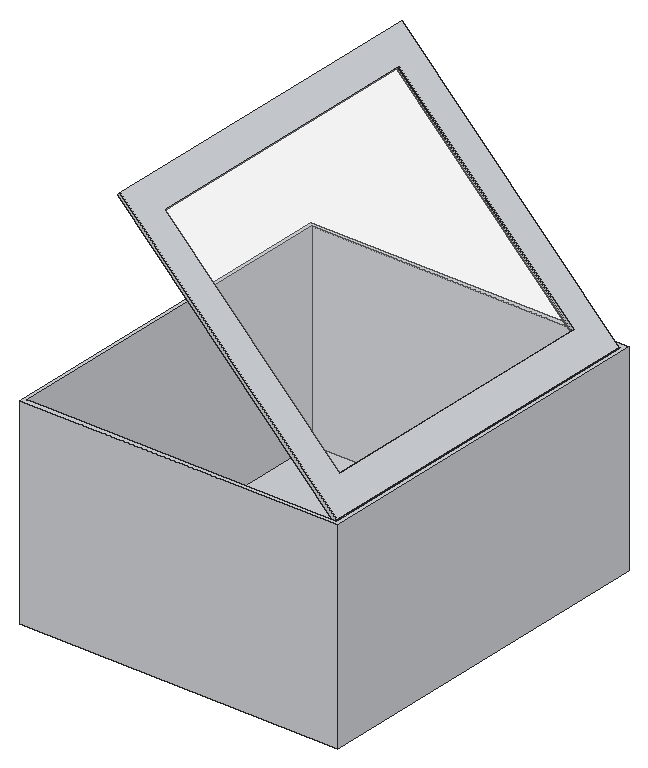
Revit family "Pedro-empty-IT-en", category Electrical Equipment, host Face, Revit 2020
Family settings
  Host = Face
  Panel Configuration = Two Columns, Circuits Across
  Round Connector Dimension = Use Diameter
  Part Type = Panelboard
  Cut with Voids When Loaded = No
  Shared = No
  Room Calculation Point = No
Parameters (values of type "Surface mounted IP66 W264.7 H302.8 D167  Modular spacings - B04621")
  Width Control [instance] = if([HG000006 - Flush mounted], if([EF000846 - Built-in width] > min_whd, [EF000846 - Built-in width], min_whd), if([EF000008 - Width] > min_whd, ([EF000008 - Width]), min_whd))  # 265 mm
  Void Depth [instance] = if([HG000006 - Flush mounted], Depth Control, 1 mm)  # 1 mm
  Type Comments = [HG000003 - Range]  # "Pedro"
  System Height [instance] = Height Control - 2 * [HG000005 - Thickness]  # 297 mm
  Model = [HG000004 - Manufacturer reference]  # "B04621"
  HG000011 - Empty rows from bottom = no
  HG000005 - Thickness = 3 mm  # constant formula
  Arrow Offset [instance] = Depth Control / 8  # 20.875 mm
  Arrow Height [instance] = Depth Control - Arrow Offset  # 146.125 mm
  Host Offset [instance] = if([HG000006 - Flush mounted], 0 mm, [EF000049 - Depth])  # 167 mm
  min_whd [instance] = (2 * [HG000005 - Thickness]) + 1 mm  # 7 mm
  Manufacturer = "Hager"  # constant formula
  Height Control [instance] = if([HG000006 - Flush mounted], if([EF000332 - Built-in height] > min_whd, [EF000332 - Built-in height], min_whd), if([EF000040 - Height] > min_whd, ([EF000040 - Height]), min_whd))  # 303 mm
  HG000010 - Asymmetric doors = no
  HG000009 - Double swing door = no
  HG000008 - Number of empty rows = 0
  HG000007 - Number of empty columns = 0
  HG000006 - Flush mounted = no
  HG000004 - Manufacturer reference = "B04621"
  HG000003 - Range = "Pedro"
  HG000002 - With door or cover = yes
  HG000001 - Number of columns = 0
  Flush Mounted - Door Frame Width [instance] = if(([EF000040 - Height] - [EF000332 - Built-in height]) > 0 mm, if([HG000006 - Flush mounted], [EF000040 - Height] - [EF000332 - Built-in height], 0 mm), 0 mm)  # 0 mm
  EF015941 - Signal passing door = no
  EF015777 - Neutral terminal block = no
  EF015776 - Earthing terminal block = no
  EF009212 - Cover model = "EV000116 - Closed"
  EF006306 - With lock = yes
  EF006244 - Transparent cover/door = yes
  EF005474 - Degree of protection (IP) = "EV006422 - IP66"
  EF004462 - Type of closure = "EV000154 - Other"
  EF002950 - Width in number of modular spacings = 0
  EF001596 - Material housing = "EV000139 - Plastic"
  EF001134 - DIN-rail = no
  EF001131 - Internal depth = 137 mm
  EF001088 - Extension possible = yes
  EF001062 - EMC-version = yes
  EF000846 - Built-in width = 0 mm
  EF000339 - Type of cover = "EV004216 - Door"
  EF000332 - Built-in height = 0 mm
  EF000266 - Number of rows = 0
  EF000218 - Built-in depth = 0 mm
  EF000118 - With mounting plate = no
  EF000116 - RAL-number = "7035"
  EF000049 - Depth = 167 mm
  EF000040 - Height = 303 mm
  EF000008 - Width = 265 mm
  EF000007 - Colour = "EV000270 - Grey"
  EF000003 - Mounting method = "EV000384 - Surface mounted (plaster)"
  Door_Right [instance] = yes
  Door_Left [instance] = not(Door_Right)  # no
  Door Swing Angle [instance] = 45.00°
  Door 3d Visibility [instance] = yes
  Depth Control [instance] = if([HG000006 - Flush mounted], if([EF000218 - Built-in depth] > 0 mm, [EF000218 - Built-in depth], 1 mm), if([EF000049 - Depth] > 0 mm, ([EF000049 - Depth]), 1 mm))  # 167 mm
  Default Elevation = 0 mm
  Clearance Visibility [instance] = no
Types (2, lengths in mm): name | Model | HG000004 - Manufacturer reference | EF006244 - Transparent cover/door
  Surface mounted IP66 W264.7 H302.8 D167  Modular spacings - B04601 | "B04601" | "B04601" | no
  Surface mounted IP66 W264.7 H302.8 D167  Modular spacings - B04621 | "B04621" | "B04621" | yes
Reference planes
  plane 1 "Center (Front/Back)": y = 0
  plane 2: z = 0
  plane 3 "Center (Left/Right)": x = 0
  plane 4: z = 167
  plane 5: y = 3
  plane 6: z = 162
  plane 7: y = 151.5
  plane 8: y = 0
  plane 9: y = 303
  plane 10: z = 0
  plane 11: x = -132.5
  plane 12: x = 132.5
  plane 13: x = 129.5
  plane 14: x = -129.5
  plane 15: y = 300
  plane 16: z = 3
  plane 17: z = 164
  plane 18: z = -1
  plane 19: z = 164
Forms (mm)
  Extrusion 1, solid
    sketch origin (-583.045, 0, 1219.2) x (-1, 0, 0) y (0, 0, 1)
      loop
        line (-450.545, -1052.2) -> (-715.545, -1052.2) -> (-715.545, -1219.2) -> (-450.545, -1219.2) -> (-450.545, -1052.2)
    from 0 to 303 <- "Height Control"
  Extrusion 2, void
    sketch origin (-381.607, -4572, 167) x (0, -1, 0) y (-1, 0, 0)
      loop
        line (-4872, -252.107) -> (-4872, -511.107) -> (-4575, -511.107) -> (-4575, -252.107) -> (-4872, -252.107)
    from 0 to 164
  Extrusion 3, void
    sketch origin (0, 0, 0) x (1, 0, 0) y (0, 1, 0)
      loop
        line (-132.5, 0) -> (132.5, 0) -> (132.5, 303) -> (-132.5, 303) -> (-132.5, 0)
    from -1 to 1
  Extrusion 4, solid, detail levels coarse
    sketch origin (-381.607, -4572, 167) x (-1, 0, 0) y (0, -1, 0)
      loop
        line (-252.107, -4872) -> (-252.107, -4575) -> (-511.107, -4575) -> (-511.107, -4872) -> (-252.107, -4872)
    from 0 to -3
Cuts and joins
  Extrusion 2 cuts Extrusion 1
Dimensions and locks
  plane 4 to plane 6 = 5 mm
  "Host Offset": plane 4 to host face
  "Flush Mounted - Door Frame Width": plane 1 "Center (Front/Back)" to plane 8
  "HG000005 - Thickness": plane 5 to plane 8
  locked: connector elem to plane 3 "Center (Left/Right)"
  "Height Control": plane 9 to plane 8
  equal spacing: plane 9, plane 7, plane 8
  locked: connector elem to plane 7
  "Depth Control": plane 4 to plane 10
  "HG000005 - Thickness": plane 11 to plane 14
  "HG000005 - Thickness": plane 12 to plane 13
  equal spacing: plane 11, plane 3 "Center (Left/Right)", plane 12
  "Width Control": plane 11 to plane 12
  "Arrow Offset": nested 4 to plane 10
  "HG000005 - Thickness": plane 9 to plane 15
  "HG000005 - Thickness": plane 16 to plane 10
  "HG000005 - Thickness": plane 4 to plane 17
  "Void Depth": plane 2 to plane 18
  "HG000005 - Thickness": plane 4 to plane 19
  aligned and locked: plane 2 to host face
  aligned and locked: level to host face
  aligned and locked: plane 3 "Center (Left/Right)" to nested 2
  aligned and locked: plane 4 to nested 2
  aligned and locked: plane 8 to nested 2
  aligned and locked: nested 1 to plane 6
  aligned and locked: plane 5 to nested 1
  aligned and locked: nested 4 to plane 11
  aligned and locked: nested 3 to plane 4
  aligned and locked: Extrusion 1 sketch curve to plane 12
  aligned and locked: Extrusion 1 sketch curve to plane 11
  aligned and locked: nested 3 to plane 10
  aligned and locked: plane 10 to Extrusion 1 sketch curve
  aligned and locked: plane 5 to Extrusion 2 sketch curve
  aligned and locked: Extrusion 2 sketch curve to plane 15
  aligned and locked: Extrusion 2 sketch curve to plane 14
  aligned and locked: Extrusion 2 sketch curve to plane 13
  aligned and locked: plane 11 to Extrusion 3 sketch curve
  aligned and locked: plane 9 to Extrusion 3 sketch curve
  aligned and locked: Extrusion 3 sketch curve to plane 8
  aligned and locked: plane 12 to Extrusion 3 sketch curve
  aligned and locked: nested 3 to plane 12
  aligned and locked: Extrusion 3 to plane 18
  aligned and locked: Extrusion 2 to plane 16
  aligned and locked: Extrusion 1 sketch curve to plane 4
  aligned and locked: Extrusion 4 to plane 17
  aligned and locked: Extrusion 4 sketch curve to plane 15
  aligned and locked: Extrusion 4 sketch curve to plane 13
  aligned and locked: Extrusion 4 sketch curve to plane 14
  aligned and locked: plane 5 to Extrusion 4 sketch curve
Automatic sketch dimensions
  host sketch curve to host sketch curve = 1469.727 mm
  host sketch curve to host sketch curve = 1318.837 mm
Nested families
  nested 1: "Hager_Enclosure_System" at (0, 3, 162) x (1, 0, 0) z (0, 1, 0), Depth <- "HG000005 - Thickness", Height <- "System Height", Width <- "EF000008 - Width", Border <- "HG000005 - Thickness", Flush_Mounted <- "HG000006 - Flush mounted", Built-in_Width <- "EF000846 - Built-in width", Row_Module_Multiplicator <- "EF002950 - Width in number of modular spacings", Total_No_Empty_Rows <- "HG000008 - Number of empty rows", Total_No_Rows <- "EF000266 - Number of rows", Empty_Columns <- "HG000007 - Number of empty columns", No_Rows <- "EF000266 - Number of rows", No_Columns <- "HG000001 - Number of columns", Width_Control <- "Width Control", Empty_Rows_From_Bottom <- "HG000011 - Empty rows from bottom", type "Hager_Enclosure_System", detail levels medium+fine
    with Width_Control 265 mm, Width 265 mm, Total_No_Rows 0, Total_No_Empty_Rows 0, Total_No_Columns 1, System_Width 259 mm, Rows_Column 0, Row_Module_Multiplicator 0, Panel_4 no, Panel_3 no, Panel_2 no, Panel_1 no, No_Rows 0, No_Panels_Ctrl 1, No_Columns 0, Hide_Columns yes, Height 297 mm, Flush_Mounted no, Empty_Rows_From_Bottom no, Empty_Rows_Column 0, Empty_Columns 0, Depth 3 mm, Column_Width 259 mm, Built-in_Width 0 mm, Border 3 mm
  nested 2: "Hager_Enclosure_Door" at (0, 0, 167) x (1, 0, 0) z (0, 1, 0), Border <- "HG000005 - Thickness", Door_Right <- "Door_Right", Flush_Mounted <- "HG000006 - Flush mounted", Depth <- "EF000049 - Depth", Width <- "EF000008 - Width", Door_Left <- "Door_Left", 3d_Door <- "Door 3d Visibility", BuiltIn_Width <- "EF000846 - Built-in width", BuiltIn_Height <- "EF000332 - Built-in height", BuiltIn_Depth <- "EF000218 - Built-in depth", Angle <- "Door Swing Angle", Assymetrical <- "HG000010 - Asymmetric doors", Double <- "HG000009 - Double swing door", Clearance <- "Clearance Visibility", Transparent <- "EF006244 - Transparent cover/door", Door <- "HG000002 - With door or cover", Height_Ctrl <- "Height Control", Width_Ctrl <- "Width Control", Height <- "EF000040 - Height", type "Hager_Enclosure_Door", detail levels medium+fine
    with min_wh 7 mm, Width_Ctrl 265 mm, Width 265 mm, Transparent yes, Leaf_Width 256 mm, Leaf_Tolerance 1.5 mm, Leaf_Height 294 mm, Leaf_2_Width 256 mm, Leaf_2_Offset 128 mm, Leaf_1_Width 256 mm, Leaf_1_Offset 128 mm, Height_Ctrl 303 mm, Height 303 mm, Frame_Width_Ctrl 265 mm, Frame_Width 265 mm, Frame_Internal_Offset 0 mm, Frame_Height_Ctrl 303 mm, Frame_Height 303 mm, Frame_Depth_Ctrl 1 mm, Frame_Depth 0 mm, Flush_Mounted no, Double_Clearance_Ctrl no, Double no, Door_Right_Ctrl yes, Door_Right yes, Door_Left_Ctrl no, Door_Left no, Door yes, Depth 167 mm, Clearance_Depth 256 mm, Clearance_Ctrl no, Clearance no, BuiltIn_Width 0 mm, BuiltIn_Height 0 mm, BuiltIn_Depth 0 mm, Border 3 mm, Assymetrical no, Angle 45.00°, 3d_Door yes
  nested 3: "Hager_Enclosure_Symbol_Triangle" at (-132.5, 0, 0) x (1, 0, 0) z (0, -1, 0), Depth <- "Depth Control", Width <- "Width Control", type "Hager_Enclosure_Symbol_Triangle"
    with Width_Ctrl 265 mm, Width 265 mm, Depth_Ctrl 167 mm, Depth 167 mm
  nested 4: "Hager_Enclosure_Symbol_Arrow" at (-132.5, 0, 20.875) x (1, 0, 0) z (0, -1, 0), Height <- "Arrow Height", type "Hager_Enclosure_Symbol_Arrow"
    with Width_Inside 10.959 mm, Width 131.513 mm, Height_Ctrl 146.125 mm, Height 146.125 mm
Connectors
  electrical at (0, 151.5, 0)
    settings: on plane 10, index 1, voltage 0 V, apparent load 0 VA, apparent load phase1 0 VA, apparent load phase2 0 VA, apparent load phase3 0 VA, power factor 1, load classification "Other", number of poles 1, system type 30, power factor state 1, is connector primary yes, connector utility no, sub classification motor no, connector description ""
Definition of nested family "Hager_Enclosure_Door"
  Parameters (values of type "Hager_Enclosure_Door")
    min_wh [instance] = (2 * Border) + 1 mm  # 11 mm
    Width_Ctrl [instance] = 400 mm
    Width [instance] = 500 mm
    Transparent [instance] = yes
    Leaf_Width [instance] = if((Width_Ctrl - 2 * Border - 2 * Leaf_Tolerance) > 0 mm, (Width_Ctrl - 2 * Border - 2 * Leaf_Tolerance), min_wh)  # 387 mm
    Leaf_Tolerance [instance] = 1.5 mm  # constant formula
    Leaf_Height [instance] = if((Height_Ctrl - 2 * Border - 2 * Leaf_Tolerance) > 0 mm, (Height_Ctrl - 2 * Border - 2 * Leaf_Tolerance), min_wh)  # 387 mm
    Leaf_2_Width [instance] = if(and(and(Double, Assymetrical), Door_Left), (Leaf_Width / 3) - (Leaf_Tolerance / 2), if(and(and(Double, Assymetrical), Door_Right), (Leaf_Width / 3) * 2 - (Leaf_Tolerance / 2), if(and(Double, not(Assymetrical)), (Leaf_Width / 2) - Leaf_Tolerance, Leaf_Width)))  # 192 mm
    Leaf_2_Offset [instance] = if(and(Double, Assymetrical), Leaf_2_Width / 2, if(and(Double, not(Assymetrical)), Leaf_Width / 4, Leaf_Width / 2))  # 96.75 mm
    Leaf_1_Width [instance] = if(and(and(Double, Assymetrical), Door_Right), (Leaf_Width / 3) - (Leaf_Tolerance / 2), if(and(and(Double, Assymetrical), Door_Left), (Width / 3) * 2 - (Leaf_Tolerance / 2), if(and(Double, not(Assymetrical)), (Leaf_Width / 2) - Leaf_Tolerance, Leaf_Width)))  # 192 mm
    Leaf_1_Offset [instance] = if(and(Double, Assymetrical), Leaf_1_Width / 2, if(and(Double, not(Assymetrical)), Leaf_Width / 4, Leaf_Width / 2))  # 96.75 mm
    Height_Ctrl [instance] = 400 mm
    Height [instance] = 500 mm
    Frame_Width_Ctrl [instance] = if(Frame_Width > 0 mm, Frame_Width, 1 mm)  # 1 mm
    Frame_Width [instance] = Width - BuiltIn_Width  # 0 mm
    Frame_Internal_Offset [instance] = if(Flush_Mounted, Border, 0 mm)  # 0 mm
    Frame_Height_Ctrl [instance] = if(Frame_Height > 0 mm, Frame_Height, 1 mm)  # 1 mm
    Frame_Height [instance] = Height - BuiltIn_Height  # 0 mm
    Frame_Depth_Ctrl [instance] = if(Frame_Depth > 0 mm, Frame_Depth, 1 mm)  # 1 mm
    Frame_Depth [instance] = if(Depth - BuiltIn_Depth > 0 mm, if(Flush_Mounted, Depth - BuiltIn_Depth, 0 mm), 0 mm)  # 0 mm
    Flush_Mounted [instance] = no
    Double_Clearance_Ctrl [instance] = and(Double, Clearance)  # yes
    Double [instance] = yes
    Door_Right_Ctrl [instance] = and(or(Door_Right, Double), Door)  # yes
    Door_Right [instance] = yes
    Door_Left_Ctrl [instance] = and(or(Door_Left, Double), Door)  # yes
    Door_Left [instance] = no
    Door [instance] = yes
    Depth [instance] = 500 mm
    Default Elevation = 1219.2 mm
    Clearance_Material = none
    Clearance_Depth [instance] = if(Leaf_1_Width > Leaf_2_Width, Leaf_1_Width, Leaf_2_Width)  # 192 mm
    Clearance_Ctrl [instance] = and(not(Double), Clearance)  # no
    Clearance [instance] = yes
    BuiltIn_Width [instance] = 500 mm
    BuiltIn_Height [instance] = 500 mm
    BuiltIn_Depth [instance] = 500 mm
    Border [instance] = 5 mm
    Assymetrical [instance] = no
    Angle [instance] = 65.00°
    3d_Door [instance] = yes
  Reference planes
    plane 1 "Center (Front/Back)": y = 0
    plane 2 "Bottom": z = 0
    plane 3 "Center (Left/Right)": x = 0
    plane 4: z = 400
    plane 5: x = -200
    plane 6: x = 200
    plane 7: z = 395
    plane 8: x = -195
    plane 9: z = 5
    plane 10: x = 195
    plane 11: y = 0
    plane 12: z = 6.5
    plane 13: x = -387
    plane 14: y = -192
    plane 15: x = 387
    plane 16: x = -96.75
    plane 17: x = 96.75
    plane 18: x = -193.5
    plane 19: x = 193.5
    plane 20: z = 393.5
  Forms (mm)
    Extrusion 1, solid, visible <- "Flush_Mounted"
      sketch origin (0, 0, 0) x (1, 0, 0) y (0, 0, 1)
        loop
          line (200, 0) -> (200, 400) -> (-200, 400) -> (-200, 0) -> (200, 0)
        loop
          line (-201, 401) -> (-201, -1) -> (201, -1) -> (201, 401) -> (-201, 401)
      from 0 to 1 <- "Frame_Depth_Ctrl"
    Extrusion 2, solid, material <- "Clearance_Material", visible <- "Double_Clearance_Ctrl"
      sketch origin (1200, 0, 0) x (1, 0, 0) y (0, 0, -1)
        loop
          line (-1587, -393.5) -> (-813, -393.5) -> (-813, 0) -> (-1587, 0) -> (-1587, -393.5)
      from 0 to -192
  Dimensions and locks
    equal spacing: plane 5, plane 3 "Center (Left/Right)", plane 6
    "Width_Ctrl": plane 5 to plane 6
    "Border": plane 5 to plane 8
    "Border": plane 6 to plane 10
    "Border": plane 9 to level
    "Border": plane 4 to plane 7
    "Height_Ctrl": plane 4 to level
    "Leaf_Tolerance": plane 12 to plane 9
    "Frame_Depth": plane 11 to plane 1 "Center (Front/Back)"
    "Frame_Width_Ctrl": plane 5 to Extrusion 1 sketch curve
    "Frame_Width_Ctrl": plane 6 to Extrusion 1 sketch curve
    "Frame_Width_Ctrl": Extrusion 1 sketch curve to plane 4
    "Frame_Width_Ctrl": plane 2 "Bottom" to Extrusion 1 sketch curve
    "Leaf_1_Offset": plane 18 to plane 16
    "Leaf_2_Offset": plane 17 to plane 19
    "Leaf_1_Width": plane 13 to plane 8
    "Leaf_2_Width": plane 10 to plane 15
    "Clearance_Depth": plane 14 to plane 1 "Center (Front/Back)"
    "Leaf_Tolerance": plane 8 to plane 18
    "Leaf_Tolerance": plane 19 to plane 10
    "Leaf_Tolerance": plane 7 to plane 20
    "Frame_Internal_Offset": plane 5 to Extrusion 1 sketch curve
    "Frame_Internal_Offset": Extrusion 1 sketch curve to plane 2 "Bottom"
    "Frame_Internal_Offset": plane 6 to Extrusion 1 sketch curve
    "Frame_Internal_Offset": plane 4 to Extrusion 1 sketch curve
    aligned and locked: level to plane 2 "Bottom"
    aligned and locked: nested 1 to plane 16
    aligned and locked: nested 2 to plane 17
    aligned and locked: Extrusion 2 to plane 13
    aligned and locked: plane 15 to Extrusion 2
    aligned and locked: Extrusion 2 to plane 14
    aligned and locked: plane 12 to nested 1
    aligned and locked: nested 2 to plane 12
    aligned and locked: Extrusion 2 to plane 11
    aligned and locked: plane 20 to Extrusion 2
    aligned and locked: nested 2 to plane 11
    aligned and locked: nested 1 to plane 11
  Automatic sketch dimensions
    Extrusion 2 sketch curve to level = 0 mm
    plane 5 to Extrusion 2 sketch curve = 187 mm
    plane 6 to Extrusion 2 sketch curve = 187 mm
    Extrusion 2 sketch curve to plane 4 = 6.5 mm
  Nested families
    nested 1: "Hager_Enclosure_Door_Leaf" at (-96.75, 0, 6.5), Width <- "Leaf_1_Width", visible <- "Door_Left_Ctrl", Leaf_Height <- "Leaf_Height", Angle <- "Angle", Depth <- "Border", 3d_Door <- "3d_Door", Transparent <- "Transparent", Clearance Material <- "Clearance_Material", Clearance <- "Clearance_Ctrl", type "Hager_Enclosure_Door_Leaf"
      with Width 192 mm, Transparent_Door_Border 25 mm, Transparent_Ctrl yes, Transparent yes, Standard no, Leaf_Height 387 mm, Glass_Offset 1 mm, Depth 5 mm, Clearance Material none, Clearance no, Angle_Ctrl 65.00°, Angle 65.00°, 3d_Door yes
    nested 2: "Hager_Enclosure_Door_Leaf" at (96.75, 0, 6.5) x (-1, 0, 0) z (0, 0, 1), Width <- "Leaf_2_Width", visible <- "Door_Right_Ctrl", Leaf_Height <- "Leaf_Height", Angle <- "Angle", Depth <- "Border", 3d_Door <- "3d_Door", Transparent <- "Transparent", Clearance Material <- "Clearance_Material", Clearance <- "Clearance_Ctrl", type "Hager_Enclosure_Door_Leaf"
      with Width 192 mm, Transparent_Door_Border 25 mm, Transparent_Ctrl yes, Transparent yes, Standard no, Leaf_Height 387 mm, Glass_Offset 1 mm, Depth 5 mm, Clearance Material none, Clearance no, Angle_Ctrl 65.00°, Angle 65.00°, 3d_Door yes
  Definition of nested family "Hager_Enclosure_Door_Leaf"
    Parameters (values of type "Hager_Enclosure_Door_Leaf")
      Width [instance] = 200 mm
      Transparent_Door_Border [instance] = 25 mm  # constant formula
      Transparent_Ctrl [instance] = and(Transparent, [3d_Door])  # yes
      Transparent [instance] = yes
      Standard [instance] = and(not(Transparent), [3d_Door])  # no
      Leaf_Height [instance] = 500 mm
      Glass_Offset [instance] = if((Depth - 10 mm) / 2 > 0 mm, (Depth - 10 mm) / 2, 1 mm)  # 1 mm
      Glass_Material = none
      Depth [instance] = 3 mm
      Default Elevation = 0 mm
      Clearance Material [instance] = none
      Clearance [instance] = no
      Angle_Ctrl [instance] = if(Angle > 170.00°, 170.00°, Angle)  # 163.00°
      Angle [instance] = 163.00°
      3d_Door [instance] = yes
    Reference planes
      plane 1 "Center (Front/Back)": y = 0
      plane 2: z = 0
      plane 3 "Center (Left/Right)": x = 0
      plane 4: y = 200
      plane 5: x = -100
      plane 6: x = 100
      plane 7: x = -300
      plane 8: z = 500
      plane 9: z = 25
      plane 10: z = 475
      plane 11: x = 75
      plane 12: x = -75
    Forms (mm)
      Extrusion 1, solid, material <- "Clearance Material", visible <- "Clearance"
        sketch origin (0, 0, 0) x (1, 0, 0) y (0, 0, 1)
          loop
            line (-300, 500) -> (-300, 0) -> (100, 0) -> (100, 500) -> (-300, 500)
        from 0 to -200
      Extrusion 2, solid, visible <- "Standard", detail levels fine
        sketch origin (-100, 0, 0) x (-0.956305, 0.292372, 0) y (-0.292372, -0.956305, 0)
          loop
            line (0, -3) -> (200, -3) -> (200, 0) -> (0, 0) -> (0, -3)
        from 0 to 500 <- "Leaf_Height"
      Extrusion 3, solid, visible <- "Transparent_Ctrl", detail levels fine
        sketch origin (-100, 0, 0) x (-0.956305, 0.292372, 0) y (-0.292372, -0.956305, 0)
          loop
            line (0, -3) -> (200, -3) -> (200, 0) -> (0, 0) -> (0, -3)
        from 0 to 500 <- "Leaf_Height"
      Extrusion 4, void, detail levels fine
        sketch origin (-100, 0, 0) x (-0.292372, -0.956305, 0) y (-0.956305, 0.292372, 0)
          loop
            line (0, 25) -> (0, 175) -> (-3, 175) -> (-3, 25) -> (0, 25)
        from -475 to -25
      Extrusion 5, solid, material <- "Glass_Material", visible <- "Transparent_Ctrl", detail levels fine
        sketch origin (-100, 0, 0) x (-0.956305, 0.292372, 0) y (-0.292372, -0.956305, 0)
          loop
            line (25, -1) -> (25, -2) -> (175, -2) -> (175, -1) -> (25, -1)
        from 25 to 475
    Cuts and joins
      Extrusion 4 cuts Extrusion 3
    Lines and regions (mm)
      symbolic lines
        curve 1: line (100, 0, 0) -> (-300, 0, 0)
        curve 2: arc (100, 0, 0) -> (-100, 200, 0) -> (-300, 0, 0) r 200
        curve 4: line (-100, 0, 0) -> (-291.261, 58.474, 0)
      reference lines
        curve 3: line (-100, 0, 0) -> (-291.261, 58.474, 0)
      symbolic lines, detail levels medium+fine
        curve 5: line (-291.261, 58.474, 0) -> (-290.384, 61.343, 0)
        curve 6: line (-290.384, 61.343, 0) -> (-99.123, 2.869, 0)
        curve 7: line (-99.123, 2.869, 0) -> (-100, 0, 0)
      symbolic lines, detail levels fine
        curve 8: line (-100, 0, 500) -> (100, 0, 500)
        curve 9: line (-100, 0, 0) -> (-100, 0, 500)
        curve 10: line (100, 0, 0) -> (-100, 0, 0)
        curve 11: line (100, 0, 500) -> (100, 0, 0)
      symbolic lines, visible <- "Transparent_Ctrl", detail levels fine
        curve 12: line (-75, 0, 475) -> (75, 0, 475)
        curve 13: line (-75, 0, 25) -> (-75, 0, 475)
        curve 14: line (75, 0, 25) -> (-75, 0, 25)
        curve 15: line (75, 0, 475) -> (75, 0, 25)
    Dimensions and locks
      "Width": plane 1 "Center (Front/Back)" to plane 4
      equal spacing: plane 5, plane 3 "Center (Left/Right)", plane 6
      "Width": plane 5 to plane 6
      "Width": plane 7 to plane 5
      "Leaf_Height": plane 8 to level
      "Depth": curve 6 to curve 3
      "Width": curve 5 to curve 3
      "Width": curve 3 to curve 3
      "Transparent_Door_Border": Extrusion 4 sketch curve to curve 7
      "Transparent_Door_Border": Extrusion 4 sketch curve to curve 5
      "Transparent_Door_Border": plane 8 to plane 10
      "Transparent_Door_Border": plane 9 to level
      "Glass_Offset": Extrusion 5 sketch curve to curve 4
      "Glass_Offset": Extrusion 5 sketch curve to curve 6
      "Transparent_Door_Border": Extrusion 5 sketch curve to curve 5
      "Transparent_Door_Border": Extrusion 5 sketch curve to curve 7
      "Transparent_Door_Border": plane 12 to plane 5
      "Transparent_Door_Border": plane 6 to plane 11
      "Angle_Ctrl": angle plane 1 "Center (Front/Back)" to curve 3
      aligned and locked: level to plane 2
      aligned and locked: Extrusion 1 to curve 1
      aligned and locked: plane 6 to Extrusion 1
      aligned and locked: plane 1 "Center (Front/Back)" to Extrusion 1
      aligned and locked: plane 4 to Extrusion 1
      aligned and locked: plane 8 to Extrusion 1
      aligned and locked: curve 4 to curve 3
      aligned and locked: Extrusion 2 sketch curve to curve 7
      aligned and locked: Extrusion 2 sketch curve to curve 6
      aligned and locked: Extrusion 2 sketch curve to curve 5
      aligned and locked: Extrusion 2 sketch curve to curve 3
      aligned and locked: curve 7 to Extrusion 3 sketch curve
      aligned and locked: Extrusion 3 sketch curve to curve 4
      aligned and locked: Extrusion 3 sketch curve to curve 6
      aligned and locked: Extrusion 3 sketch curve to curve 5
      aligned and locked: curve 4 to Extrusion 4 sketch curve
      aligned and locked: curve 6 to Extrusion 4 sketch curve
      aligned and locked: Extrusion 4 to plane 9
      aligned and locked: Extrusion 4 to plane 10
      aligned and locked: Extrusion 5 to plane 9
      aligned and locked: Extrusion 5 to plane 10
      aligned and locked: curve 8 to plane 8
      aligned and locked: plane 5 to curve 9
      aligned and locked: plane 2 to curve 10
      aligned and locked: curve 11 to plane 6
      aligned and locked: plane 10 to curve 12
      aligned and locked: plane 12 to curve 13
      aligned and locked: plane 9 to curve 14
      aligned and locked: plane 11 to curve 15
    Automatic sketch dimensions
      plane 1 "Center (Front/Back)" to curve 2 = 0 mm
      curve 2 to plane 5 = 0 mm
      Extrusion 1 sketch curve to level = 0 mm
      Extrusion 1 sketch curve to plane 7 = 0 mm
      Extrusion 1 sketch curve to plane 6 = 0 mm
      Extrusion 1 sketch curve to plane 8 = 0 mm
      plane 1 "Center (Front/Back)" to curve 3 = 0 mm
      curve 3 to plane 5 = 0 mm
      curve 7 to curve 3 = 0 mm
Definition of nested family "Hager_Enclosure_Symbol_Triangle"
  Parameters (values of type "Hager_Enclosure_Symbol_Triangle")
    Width_Ctrl [instance] = if(Width > 1 mm, Width, 1 mm)  # 498 mm
    Width [instance] = 498 mm
    Depth_Ctrl [instance] = if(Depth > 1 mm, Depth, 1 mm)  # 72 mm
    Depth [instance] = 72 mm
  Reference planes
    plane 1 "Centre (avant/arrière)": y = 0
    plane 2: z = 0
    plane 3 "Centre (gauche/droite)": x = 0
  Lines and regions (mm)
    Filled region 1, type "Solid_Black", in view "Niveau de réf."
      outline origin (0, 0, 0) x (1, 0, 0) y (0, 1, 0)
        loop
          line (0, 0) -> (498, 0) -> (498, 72) -> (0, 0)
    reference lines, in view "Niveau de réf."
      curve 1: line (-206.153, 72, 0) -> (1083.258, 72, 0)
      curve 2: line (498, 405.456, 0) -> (498, -517.619, 0)
  Dimensions and locks
    "Depth_Ctrl": plane 1 "Centre (avant/arrière)" to curve 1
    "Width_Ctrl": plane 3 "Centre (gauche/droite)" to curve 2
    aligned and locked: curve 1 to Filled region 1 sketch curve
    aligned and locked: Filled region 1 sketch curve to plane 1 "Centre (avant/arrière)"
    aligned and locked: curve 2 to Filled region 1 sketch curve
    aligned and locked: plane 3 "Centre (gauche/droite)" to Filled region 1 sketch curve
    aligned and locked: plane 1 "Centre (avant/arrière)" to Filled region 1 sketch curve
  Automatic sketch dimensions
    curve 1 to plane 3 "Centre (gauche/droite)" = 206.153 mm
    curve 2 to curve 1 = 585.258 mm
    plane 1 "Centre (avant/arrière)" to curve 2 = 517.619 mm
    curve 2 to plane 1 "Centre (avant/arrière)" = 405.456 mm
Definition of nested family "Hager_Enclosure_Symbol_Arrow"
  Parameters (values of type "Hager_Enclosure_Symbol_Arrow")
    Width_Inside [instance] = if(Width / 12 > 2 mm, Width / 12, 2 mm)  # 4.987 mm
    Width [instance] = if(Height_Ctrl * 0.9 > 2 mm, Height_Ctrl * 0.9, 2 mm)  # 59.85 mm
    Height_Ctrl [instance] = if(Height > 2 mm, Height, 2 mm)  # 66.5 mm
    Height [instance] = 66.5 mm
  Reference planes
    plane 1 "Centre (avant/arrière)": y = 0
    plane 2: z = 0
    plane 3 "Centre (gauche/droite)": x = 0
    plane 4: x = 59.85
    plane 5: y = 28.263
    plane 6: y = 38.238
    plane 7: y = 66.5
    plane 8: x = 29.925
    plane 9: y = 33.25
  Lines and regions (mm)
    Filled region 1, type "Solid_Black", in view "Niveau de réf."
      outline origin (0, 0, 0) x (1, 0, 0) y (0, 1, 0)
        loop
          line (59.85, 66.5) -> (37.929, 52.827) -> (51.846, 41.935) -> (59.85, 66.5)
    detail lines, in view "Niveau de réf."
      curve 1: line (0, 0, 0) -> (29.925, 38.238, 0)
      curve 2: line (29.925, 38.238, 0) -> (29.925, 28.263, 0)
      curve 3: line (29.925, 28.263, 0) -> (59.85, 66.5, 0)
  Dimensions and locks
    "Width": plane 3 "Centre (gauche/droite)" to plane 4
    "Height_Ctrl": plane 7 to plane 1 "Centre (avant/arrière)"
    equal spacing: plane 3 "Centre (gauche/droite)", plane 8, plane 4
    equal spacing: plane 7, plane 9, plane 1 "Centre (avant/arrière)"
    equal spacing: plane 6, plane 9, plane 5
    "Width_Inside": plane 6 to plane 9
    equal spacing: curve 3, Filled region 1 sketch curve, Filled region 1 sketch curve
    angle Filled region 1 sketch curve to curve 3 = 20.00°
    angle curve 3 to Filled region 1 sketch curve = 20.00°
    locked: curve 3 to Filled region 1 sketch curve (angle 90.00°)
  Automatic sketch dimensions
    plane 1 "Centre (avant/arrière)" to curve 1 = 0 mm
    curve 1 to plane 3 "Centre (gauche/droite)" = 0 mm
    curve 2 to plane 6 = 0 mm
    curve 3 to plane 8 = 0 mm
    curve 3 to plane 4 = 0 mm
    curve 2 to plane 5 = 0 mm
    curve 3 to plane 7 = 0 mm
    Filled region 1 sketch curve to plane 4 = 0 mm
    Filled region 1 sketch curve to plane 7 = 0 mm
